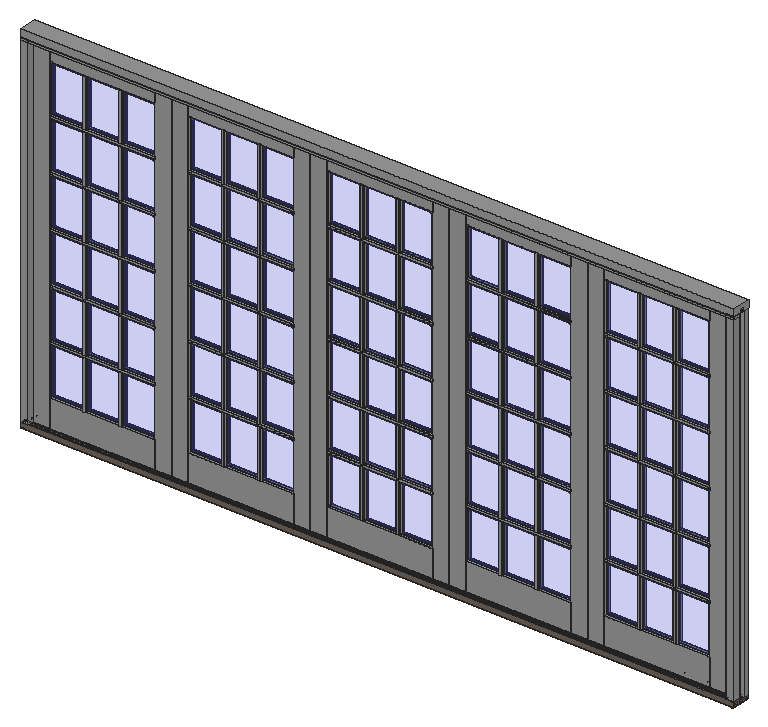
Revit family "VSFA 4190 SP RH", category Doors, host Wall, Revit 2015 (continued)
Automatic sketch dimensions
  Extrusion 64 sketch curve to Extrusion 64 sketch curve = 8 mm
  host wall to Extrusion 64 sketch curve = 13.5 mm
  Extrusion 64 sketch curve to Extrusion 64 sketch curve = 6 mm
  Extrusion 64 sketch curve to Extrusion 64 sketch curve = 1.197 mm  (x2)
  Extrusion 64 sketch curve to host wall = 24.5 mm  (x2)
  Sweep 65 sketch curve to plane 12 = 96 mm
  Sweep 65 sketch curve to plane 2 "Center (Left/Right)" = 127.66 mm
  plane 5 to Sweep 65 sketch curve = 722.012 mm
  Sweep 65 sketch curve to Sweep 65 sketch curve = 284.012 mm
  profile plane to Sweep 65 sketch curve = 0 mm
  profile plane to Sweep 65 sketch curve = 0.241 mm
  Sweep 65 sketch curve to Sweep 65 sketch curve = 6.759 mm
  Sweep 65 sketch curve to Sweep 65 sketch curve = 2 mm  (x2)
  Sweep 65 sketch curve to profile plane = 86 mm
  Sweep 65 sketch curve to Sweep 65 sketch curve = 6 mm
  Sweep 66 sketch curve to plane 2 "Center (Left/Right)" = 114.66 mm
  plane 2 "Center (Left/Right)" to Sweep 66 sketch curve = 83.68 mm
  plane 5 to Sweep 66 sketch curve = 722.012 mm
  Sweep 66 sketch curve to Sweep 66 sketch curve = 284.012 mm
  profile plane to Sweep 66 sketch curve = 0 mm
  profile plane to Sweep 66 sketch curve = 0.241 mm
  Sweep 66 sketch curve to Sweep 66 sketch curve = 6.759 mm
  Sweep 66 sketch curve to Sweep 66 sketch curve = 2 mm  (x2)
  Sweep 66 sketch curve to profile plane = 86 mm
  Sweep 66 sketch curve to Sweep 66 sketch curve = 6 mm
  plane 2 "Center (Left/Right)" to Sweep 67 sketch curve = 96.68 mm
  plane 11 to Sweep 67 sketch curve = 95.98 mm
  plane 5 to Sweep 67 sketch curve = 722.012 mm
  Sweep 67 sketch curve to Sweep 67 sketch curve = 284.012 mm
  profile plane to Sweep 67 sketch curve = 0 mm
  profile plane to Sweep 67 sketch curve = 0.241 mm
  Sweep 67 sketch curve to Sweep 67 sketch curve = 6.759 mm
  Sweep 67 sketch curve to Sweep 67 sketch curve = 2 mm  (x2)
  Sweep 67 sketch curve to profile plane = 86 mm
  Sweep 67 sketch curve to Sweep 67 sketch curve = 6 mm
  host wall to Extrusion 68 sketch curve = 7.5 mm  (x3)
  Extrusion 68 sketch curve to plane 2 "Center (Left/Right)" = 136.66 mm
  Extrusion 68 sketch curve to Extrusion 68 sketch curve = 2 mm  (x8)
  Extrusion 68 sketch curve to Extrusion 68 sketch curve = 6.759 mm  (x4)
  Extrusion 68 sketch curve to Extrusion 68 sketch curve = 0.241 mm  (x6)
  Extrusion 68 sketch curve to Extrusion 68 sketch curve = 13 mm  (x3)
  Extrusion 68 sketch curve to Extrusion 68 sketch curve = 0 mm  (x2)
  host wall to Extrusion 68 sketch curve = 5.5 mm
  plane 2 "Center (Left/Right)" to Extrusion 68 sketch curve = 74.68 mm
  Extrusion 68 sketch curve to Extrusion 68 sketch curve = 8 mm
  host wall to Extrusion 68 sketch curve = 13.5 mm
  Extrusion 68 sketch curve to Extrusion 68 sketch curve = 6 mm
  Extrusion 68 sketch curve to Extrusion 68 sketch curve = 1.197 mm  (x2)
  Extrusion 68 sketch curve to host wall = 24.5 mm  (x2)
  Sweep 69 sketch curve to plane 12 = 96 mm
  Sweep 69 sketch curve to plane 2 "Center (Left/Right)" = 127.66 mm
  plane 5 to Sweep 69 sketch curve = 1019.012 mm
  Sweep 69 sketch curve to Sweep 69 sketch curve = 284.012 mm
  profile plane to Sweep 69 sketch curve = 0 mm
  profile plane to Sweep 69 sketch curve = 0.241 mm
  Sweep 69 sketch curve to Sweep 69 sketch curve = 6.759 mm
  Sweep 69 sketch curve to Sweep 69 sketch curve = 2 mm  (x2)
  Sweep 69 sketch curve to profile plane = 86 mm
  Sweep 69 sketch curve to Sweep 69 sketch curve = 6 mm
  Sweep 70 sketch curve to plane 2 "Center (Left/Right)" = 114.66 mm
  plane 2 "Center (Left/Right)" to Sweep 70 sketch curve = 83.68 mm
  plane 5 to Sweep 70 sketch curve = 1019.012 mm
  Sweep 70 sketch curve to Sweep 70 sketch curve = 284.012 mm
  profile plane to Sweep 70 sketch curve = 0 mm
  profile plane to Sweep 70 sketch curve = 0.241 mm
  Sweep 70 sketch curve to Sweep 70 sketch curve = 6.759 mm
  Sweep 70 sketch curve to Sweep 70 sketch curve = 2 mm  (x2)
  Sweep 70 sketch curve to profile plane = 86 mm
  Sweep 70 sketch curve to Sweep 70 sketch curve = 6 mm
  plane 2 "Center (Left/Right)" to Sweep 71 sketch curve = 96.68 mm
  plane 11 to Sweep 71 sketch curve = 95.98 mm
  plane 5 to Sweep 71 sketch curve = 1019.012 mm
  Sweep 71 sketch curve to Sweep 71 sketch curve = 284.012 mm
  profile plane to Sweep 71 sketch curve = 0 mm
  profile plane to Sweep 71 sketch curve = 0.241 mm
  Sweep 71 sketch curve to Sweep 71 sketch curve = 6.759 mm
  Sweep 71 sketch curve to Sweep 71 sketch curve = 2 mm  (x2)
  Sweep 71 sketch curve to profile plane = 86 mm
  Sweep 71 sketch curve to Sweep 71 sketch curve = 6 mm
  host wall to Extrusion 72 sketch curve = 7.5 mm  (x3)
  Extrusion 72 sketch curve to plane 2 "Center (Left/Right)" = 136.66 mm
  Extrusion 72 sketch curve to Extrusion 72 sketch curve = 2 mm  (x8)
  Extrusion 72 sketch curve to Extrusion 72 sketch curve = 6.759 mm  (x4)
  Extrusion 72 sketch curve to Extrusion 72 sketch curve = 0.241 mm  (x6)
  Extrusion 72 sketch curve to Extrusion 72 sketch curve = 13 mm  (x3)
  Extrusion 72 sketch curve to Extrusion 72 sketch curve = 0 mm  (x2)
  host wall to Extrusion 72 sketch curve = 5.5 mm
  plane 2 "Center (Left/Right)" to Extrusion 72 sketch curve = 74.68 mm
  Extrusion 72 sketch curve to Extrusion 72 sketch curve = 8 mm
  host wall to Extrusion 72 sketch curve = 13.5 mm
  Extrusion 72 sketch curve to Extrusion 72 sketch curve = 6 mm
  Extrusion 72 sketch curve to Extrusion 72 sketch curve = 1.197 mm  (x2)
  Extrusion 72 sketch curve to host wall = 24.5 mm  (x2)
  Sweep 73 sketch curve to plane 12 = 96 mm
  Sweep 73 sketch curve to plane 2 "Center (Left/Right)" = 127.66 mm
  level to Sweep 73 sketch curve = 783.988 mm
  Sweep 73 sketch curve to Sweep 73 sketch curve = 284.012 mm
  profile plane to Sweep 73 sketch curve = 0 mm
  profile plane to Sweep 73 sketch curve = 0.241 mm
  Sweep 73 sketch curve to Sweep 73 sketch curve = 6.759 mm
  Sweep 73 sketch curve to Sweep 73 sketch curve = 2 mm  (x2)
  Sweep 73 sketch curve to profile plane = 86 mm
  Sweep 73 sketch curve to Sweep 73 sketch curve = 6 mm
  Sweep 74 sketch curve to plane 2 "Center (Left/Right)" = 114.66 mm
  plane 2 "Center (Left/Right)" to Sweep 74 sketch curve = 83.68 mm
  level to Sweep 74 sketch curve = 783.988 mm
  Sweep 74 sketch curve to Sweep 74 sketch curve = 284.012 mm
  profile plane to Sweep 74 sketch curve = 0 mm
  profile plane to Sweep 74 sketch curve = 0.241 mm
  Sweep 74 sketch curve to Sweep 74 sketch curve = 6.759 mm
  Sweep 74 sketch curve to Sweep 74 sketch curve = 2 mm  (x2)
  Sweep 74 sketch curve to profile plane = 86 mm
  Sweep 74 sketch curve to Sweep 74 sketch curve = 6 mm
  plane 2 "Center (Left/Right)" to Sweep 75 sketch curve = 96.68 mm
  plane 11 to Sweep 75 sketch curve = 95.98 mm
  level to Sweep 75 sketch curve = 783.988 mm
  Sweep 75 sketch curve to Sweep 75 sketch curve = 284.012 mm
  profile plane to Sweep 75 sketch curve = 0 mm
  profile plane to Sweep 75 sketch curve = 0.241 mm
  Sweep 75 sketch curve to Sweep 75 sketch curve = 6.759 mm
  Sweep 75 sketch curve to Sweep 75 sketch curve = 2 mm  (x2)
  Sweep 75 sketch curve to profile plane = 86 mm
  Sweep 75 sketch curve to Sweep 75 sketch curve = 6 mm
  host wall to Extrusion 76 sketch curve = 7.5 mm  (x3)
  Extrusion 76 sketch curve to plane 2 "Center (Left/Right)" = 136.66 mm
  Extrusion 76 sketch curve to Extrusion 76 sketch curve = 2 mm  (x8)
  Extrusion 76 sketch curve to Extrusion 76 sketch curve = 6.759 mm  (x4)
  Extrusion 76 sketch curve to Extrusion 76 sketch curve = 0.241 mm  (x6)
  Extrusion 76 sketch curve to Extrusion 76 sketch curve = 13 mm  (x3)
  Extrusion 76 sketch curve to Extrusion 76 sketch curve = 0 mm  (x2)
  host wall to Extrusion 76 sketch curve = 5.5 mm
  plane 2 "Center (Left/Right)" to Extrusion 76 sketch curve = 74.68 mm
  Extrusion 76 sketch curve to Extrusion 76 sketch curve = 8 mm
  host wall to Extrusion 76 sketch curve = 13.5 mm
  Extrusion 76 sketch curve to Extrusion 76 sketch curve = 6 mm
  Extrusion 76 sketch curve to Extrusion 76 sketch curve = 1.197 mm  (x2)
  Extrusion 76 sketch curve to host wall = 24.5 mm  (x2)
  Sweep 77 sketch curve to plane 12 = 96 mm
  Sweep 77 sketch curve to plane 2 "Center (Left/Right)" = 127.66 mm
  level to Sweep 77 sketch curve = 486.988 mm
  Sweep 77 sketch curve to Sweep 77 sketch curve = 284.012 mm
  profile plane to Sweep 77 sketch curve = 0 mm
  profile plane to Sweep 77 sketch curve = 0.241 mm
  Sweep 77 sketch curve to Sweep 77 sketch curve = 6.759 mm
  Sweep 77 sketch curve to Sweep 77 sketch curve = 2 mm  (x2)
  Sweep 77 sketch curve to profile plane = 86 mm
  Sweep 77 sketch curve to Sweep 77 sketch curve = 6 mm
  Sweep 78 sketch curve to plane 2 "Center (Left/Right)" = 114.66 mm
  plane 2 "Center (Left/Right)" to Sweep 78 sketch curve = 83.68 mm
  level to Sweep 78 sketch curve = 486.988 mm
  Sweep 78 sketch curve to Sweep 78 sketch curve = 284.012 mm
  profile plane to Sweep 78 sketch curve = 0 mm
  profile plane to Sweep 78 sketch curve = 0.241 mm
  Sweep 78 sketch curve to Sweep 78 sketch curve = 6.759 mm
  Sweep 78 sketch curve to Sweep 78 sketch curve = 2 mm  (x2)
  Sweep 78 sketch curve to profile plane = 86 mm
  Sweep 78 sketch curve to Sweep 78 sketch curve = 6 mm
  plane 2 "Center (Left/Right)" to Sweep 79 sketch curve = 96.68 mm
  plane 11 to Sweep 79 sketch curve = 95.98 mm
  level to Sweep 79 sketch curve = 486.988 mm
  Sweep 79 sketch curve to Sweep 79 sketch curve = 284.012 mm
  profile plane to Sweep 79 sketch curve = 0 mm
  profile plane to Sweep 79 sketch curve = 0.241 mm
  Sweep 79 sketch curve to Sweep 79 sketch curve = 6.759 mm
  Sweep 79 sketch curve to Sweep 79 sketch curve = 2 mm  (x2)
  Sweep 79 sketch curve to profile plane = 86 mm
  Sweep 79 sketch curve to Sweep 79 sketch curve = 6 mm
  host wall to Extrusion 80 sketch curve = 15.5 mm  (x7)
  Extrusion 80 sketch curve to Extrusion 80 sketch curve = 2 mm  (x28)
  host wall to Extrusion 80 sketch curve = 7.5 mm  (x12)
  host wall to Extrusion 80 sketch curve = 6.697 mm  (x12)
  Extrusion 80 sketch curve to Extrusion 80 sketch curve = 1.197 mm  (x8)
  Extrusion 80 sketch curve to host wall = 24.5 mm  (x7)
  level to Extrusion 80 sketch curve = 19 mm
  Extrusion 80 sketch curve to Extrusion 80 sketch curve = 171 mm
  Extrusion 80 sketch curve to Extrusion 80 sketch curve = 0 mm  (x4)
  Extrusion 80 sketch curve to Extrusion 80 sketch curve = 0.241 mm  (x12)
  Extrusion 80 sketch curve to Extrusion 80 sketch curve = 266 mm  (x5)
  Extrusion 80 sketch curve to Extrusion 80 sketch curve = 6.759 mm  (x6)
  Extrusion 80 sketch curve to Extrusion 80 sketch curve = 13 mm  (x7)
  plane 5 to Extrusion 80 sketch curve = 150 mm
  plane 5 to Extrusion 80 sketch curve = 45 mm
  Extrusion 81 sketch curve to plane 9 = 96 mm  (x2)
  Extrusion 81 sketch curve to Extrusion 81 sketch curve = 0 mm  (x31)
  Extrusion 81 sketch curve to Extrusion 81 sketch curve = 198.34 mm  (x6)
  Extrusion 81 sketch curve to Extrusion 81 sketch curve = 13 mm  (x7)
  plane 14 to Extrusion 81 sketch curve = 95.98 mm  (x3)
  level to Extrusion 81 sketch curve = 189.988 mm  (x2)
  Extrusion 81 sketch curve to Extrusion 81 sketch curve = 284.012 mm  (x5)
  Extrusion 81 sketch curve to Extrusion 81 sketch curve = 12.988 mm  (x15)
  plane 5 to Extrusion 81 sketch curve = 141 mm
  host wall to Extrusion 82 sketch curve = 7.5 mm  (x3)
  Extrusion 82 sketch curve to plane 9 = 285.34 mm
  Extrusion 82 sketch curve to Extrusion 82 sketch curve = 2 mm  (x8)
  Extrusion 82 sketch curve to Extrusion 82 sketch curve = 6.759 mm  (x4)
  Extrusion 82 sketch curve to Extrusion 82 sketch curve = 0.241 mm  (x6)
  Extrusion 82 sketch curve to Extrusion 82 sketch curve = 13 mm  (x3)
  Extrusion 82 sketch curve to Extrusion 82 sketch curve = 0 mm  (x2)
  host wall to Extrusion 82 sketch curve = 5.5 mm
  Extrusion 82 sketch curve to Extrusion 82 sketch curve = 180.34 mm
  Extrusion 82 sketch curve to Extrusion 82 sketch curve = 8 mm
  host wall to Extrusion 82 sketch curve = 13.5 mm
  Extrusion 82 sketch curve to Extrusion 82 sketch curve = 6 mm
  Extrusion 82 sketch curve to Extrusion 82 sketch curve = 1.197 mm  (x2)
  Extrusion 82 sketch curve to host wall = 24.5 mm  (x2)
  Sweep 83 sketch curve to plane 9 = 96 mm
  Sweep 83 sketch curve to Sweep 83 sketch curve = 198.34 mm
  plane 5 to Sweep 83 sketch curve = 425.012 mm
  plane 5 to Sweep 83 sketch curve = 141 mm
  profile plane to Sweep 83 sketch curve = 0 mm
  profile plane to Sweep 83 sketch curve = 0.241 mm
  Sweep 83 sketch curve to Sweep 83 sketch curve = 6.759 mm
  Sweep 83 sketch curve to Sweep 83 sketch curve = 2 mm  (x2)
  Sweep 83 sketch curve to profile plane = 86 mm
  Sweep 83 sketch curve to Sweep 83 sketch curve = 6 mm
  Sweep 84 sketch curve to plane 9 = 307.34 mm
  Sweep 84 sketch curve to Sweep 84 sketch curve = 198.34 mm
  plane 5 to Sweep 84 sketch curve = 425.012 mm
  plane 5 to Sweep 84 sketch curve = 141 mm
  profile plane to Sweep 84 sketch curve = 0 mm
  profile plane to Sweep 84 sketch curve = 0.241 mm
  Sweep 84 sketch curve to Sweep 84 sketch curve = 6.759 mm
  Sweep 84 sketch curve to Sweep 84 sketch curve = 2 mm  (x2)
  Sweep 84 sketch curve to profile plane = 86 mm
  Sweep 84 sketch curve to Sweep 84 sketch curve = 6 mm
  plane 14 to Sweep 85 sketch curve = 294.32 mm
  plane 14 to Sweep 85 sketch curve = 95.98 mm
  plane 5 to Sweep 85 sketch curve = 425.012 mm
  plane 5 to Sweep 85 sketch curve = 141 mm
  profile plane to Sweep 85 sketch curve = 0 mm
  profile plane to Sweep 85 sketch curve = 0.241 mm
  Sweep 85 sketch curve to Sweep 85 sketch curve = 6.759 mm
  Sweep 85 sketch curve to Sweep 85 sketch curve = 2 mm  (x2)
  Sweep 85 sketch curve to profile plane = 86 mm
  Sweep 85 sketch curve to Sweep 85 sketch curve = 6 mm
  host wall to Extrusion 86 sketch curve = 7.5 mm  (x3)
  Extrusion 86 sketch curve to plane 9 = 285.34 mm
  Extrusion 86 sketch curve to Extrusion 86 sketch curve = 2 mm  (x8)
  Extrusion 86 sketch curve to Extrusion 86 sketch curve = 6.759 mm  (x4)
  Extrusion 86 sketch curve to Extrusion 86 sketch curve = 0.241 mm  (x6)
  Extrusion 86 sketch curve to Extrusion 86 sketch curve = 13 mm  (x3)
  Extrusion 86 sketch curve to Extrusion 86 sketch curve = 0 mm  (x2)
  host wall to Extrusion 86 sketch curve = 5.5 mm
  Extrusion 86 sketch curve to Extrusion 86 sketch curve = 180.34 mm
  Extrusion 86 sketch curve to Extrusion 86 sketch curve = 8 mm
  host wall to Extrusion 86 sketch curve = 13.5 mm
  Extrusion 86 sketch curve to Extrusion 86 sketch curve = 6 mm
  Extrusion 86 sketch curve to Extrusion 86 sketch curve = 1.197 mm  (x2)
  Extrusion 86 sketch curve to host wall = 24.5 mm  (x2)
  Sweep 87 sketch curve to plane 9 = 96 mm
  Sweep 87 sketch curve to Sweep 87 sketch curve = 198.34 mm
  plane 5 to Sweep 87 sketch curve = 722.012 mm
  Sweep 87 sketch curve to Sweep 87 sketch curve = 284.012 mm
  profile plane to Sweep 87 sketch curve = 0 mm
  profile plane to Sweep 87 sketch curve = 0.241 mm
  Sweep 87 sketch curve to Sweep 87 sketch curve = 6.759 mm
  Sweep 87 sketch curve to Sweep 87 sketch curve = 2 mm  (x2)
  Sweep 87 sketch curve to profile plane = 86 mm
  Sweep 87 sketch curve to Sweep 87 sketch curve = 6 mm
  Sweep 88 sketch curve to plane 9 = 307.34 mm
  Sweep 88 sketch curve to Sweep 88 sketch curve = 198.34 mm
  plane 5 to Sweep 88 sketch curve = 722.012 mm
  Sweep 88 sketch curve to Sweep 88 sketch curve = 284.012 mm
  profile plane to Sweep 88 sketch curve = 0 mm
  profile plane to Sweep 88 sketch curve = 0.241 mm
  Sweep 88 sketch curve to Sweep 88 sketch curve = 6.759 mm
  Sweep 88 sketch curve to Sweep 88 sketch curve = 2 mm  (x2)
  Sweep 88 sketch curve to profile plane = 86 mm
  Sweep 88 sketch curve to Sweep 88 sketch curve = 6 mm
  plane 14 to Sweep 89 sketch curve = 294.32 mm
  plane 14 to Sweep 89 sketch curve = 95.98 mm
  plane 5 to Sweep 89 sketch curve = 722.012 mm
  Sweep 89 sketch curve to Sweep 89 sketch curve = 284.012 mm
  profile plane to Sweep 89 sketch curve = 0 mm
  profile plane to Sweep 89 sketch curve = 0.241 mm
  Sweep 89 sketch curve to Sweep 89 sketch curve = 6.759 mm
  Sweep 89 sketch curve to Sweep 89 sketch curve = 2 mm  (x2)
  Sweep 89 sketch curve to profile plane = 86 mm
  Sweep 89 sketch curve to Sweep 89 sketch curve = 6 mm
  host wall to Extrusion 90 sketch curve = 7.5 mm  (x3)
  Extrusion 90 sketch curve to plane 9 = 285.34 mm
  Extrusion 90 sketch curve to Extrusion 90 sketch curve = 2 mm  (x8)
  Extrusion 90 sketch curve to Extrusion 90 sketch curve = 6.759 mm  (x4)
  Extrusion 90 sketch curve to Extrusion 90 sketch curve = 0.241 mm  (x6)
  Extrusion 90 sketch curve to Extrusion 90 sketch curve = 13 mm  (x3)
  Extrusion 90 sketch curve to Extrusion 90 sketch curve = 0 mm  (x2)
  host wall to Extrusion 90 sketch curve = 5.5 mm
  Extrusion 90 sketch curve to Extrusion 90 sketch curve = 180.34 mm
  Extrusion 90 sketch curve to Extrusion 90 sketch curve = 8 mm
  host wall to Extrusion 90 sketch curve = 13.5 mm
  Extrusion 90 sketch curve to Extrusion 90 sketch curve = 6 mm
  Extrusion 90 sketch curve to Extrusion 90 sketch curve = 1.197 mm  (x2)
  Extrusion 90 sketch curve to host wall = 24.5 mm  (x2)
  Sweep 91 sketch curve to plane 9 = 96 mm
  Sweep 91 sketch curve to Sweep 91 sketch curve = 198.34 mm
  plane 5 to Sweep 91 sketch curve = 1019.012 mm
  Sweep 91 sketch curve to Sweep 91 sketch curve = 284.012 mm
  profile plane to Sweep 91 sketch curve = 0 mm
  profile plane to Sweep 91 sketch curve = 0.241 mm
  Sweep 91 sketch curve to Sweep 91 sketch curve = 6.759 mm
  Sweep 91 sketch curve to Sweep 91 sketch curve = 2 mm  (x2)
  Sweep 91 sketch curve to profile plane = 86 mm
  Sweep 91 sketch curve to Sweep 91 sketch curve = 6 mm
  Sweep 92 sketch curve to plane 9 = 307.34 mm
  Sweep 92 sketch curve to Sweep 92 sketch curve = 198.34 mm
  plane 5 to Sweep 92 sketch curve = 1019.012 mm
  Sweep 92 sketch curve to Sweep 92 sketch curve = 284.012 mm
  profile plane to Sweep 92 sketch curve = 0 mm
  profile plane to Sweep 92 sketch curve = 0.241 mm
  Sweep 92 sketch curve to Sweep 92 sketch curve = 6.759 mm
  Sweep 92 sketch curve to Sweep 92 sketch curve = 2 mm  (x2)
  Sweep 92 sketch curve to profile plane = 86 mm
  Sweep 92 sketch curve to Sweep 92 sketch curve = 6 mm
  plane 14 to Sweep 93 sketch curve = 294.32 mm
  plane 14 to Sweep 93 sketch curve = 95.98 mm
  plane 5 to Sweep 93 sketch curve = 1019.012 mm
  Sweep 93 sketch curve to Sweep 93 sketch curve = 284.012 mm
  profile plane to Sweep 93 sketch curve = 0 mm
  profile plane to Sweep 93 sketch curve = 0.241 mm
  Sweep 93 sketch curve to Sweep 93 sketch curve = 6.759 mm
  Sweep 93 sketch curve to Sweep 93 sketch curve = 2 mm  (x2)
  Sweep 93 sketch curve to profile plane = 86 mm
  Sweep 93 sketch curve to Sweep 93 sketch curve = 6 mm
  host wall to Extrusion 94 sketch curve = 7.5 mm  (x3)
  Extrusion 94 sketch curve to plane 9 = 285.34 mm
  Extrusion 94 sketch curve to Extrusion 94 sketch curve = 2 mm  (x8)
  Extrusion 94 sketch curve to Extrusion 94 sketch curve = 6.759 mm  (x4)
  Extrusion 94 sketch curve to Extrusion 94 sketch curve = 0.241 mm  (x6)
  Extrusion 94 sketch curve to Extrusion 94 sketch curve = 13 mm  (x3)
  Extrusion 94 sketch curve to Extrusion 94 sketch curve = 0 mm  (x2)
  host wall to Extrusion 94 sketch curve = 5.5 mm
  Extrusion 94 sketch curve to Extrusion 94 sketch curve = 180.34 mm
  Extrusion 94 sketch curve to Extrusion 94 sketch curve = 8 mm
  host wall to Extrusion 94 sketch curve = 13.5 mm
  Extrusion 94 sketch curve to Extrusion 94 sketch curve = 6 mm
  Extrusion 94 sketch curve to Extrusion 94 sketch curve = 1.197 mm  (x2)
  Extrusion 94 sketch curve to host wall = 24.5 mm  (x2)
  Sweep 95 sketch curve to plane 9 = 96 mm
  Sweep 95 sketch curve to Sweep 95 sketch curve = 198.34 mm
  level to Sweep 95 sketch curve = 783.988 mm
  Sweep 95 sketch curve to Sweep 95 sketch curve = 284.012 mm
  profile plane to Sweep 95 sketch curve = 0 mm
  profile plane to Sweep 95 sketch curve = 0.241 mm
  Sweep 95 sketch curve to Sweep 95 sketch curve = 6.759 mm
  Sweep 95 sketch curve to Sweep 95 sketch curve = 2 mm  (x2)
  Sweep 95 sketch curve to profile plane = 86 mm
  Sweep 95 sketch curve to Sweep 95 sketch curve = 6 mm
  Sweep 96 sketch curve to plane 9 = 307.34 mm
  Sweep 96 sketch curve to Sweep 96 sketch curve = 198.34 mm
  level to Sweep 96 sketch curve = 783.988 mm
  Sweep 96 sketch curve to Sweep 96 sketch curve = 284.012 mm
  profile plane to Sweep 96 sketch curve = 0 mm
  profile plane to Sweep 96 sketch curve = 0.241 mm
  Sweep 96 sketch curve to Sweep 96 sketch curve = 6.759 mm
  Sweep 96 sketch curve to Sweep 96 sketch curve = 2 mm  (x2)
  Sweep 96 sketch curve to profile plane = 86 mm
  Sweep 96 sketch curve to Sweep 96 sketch curve = 6 mm
  plane 14 to Sweep 97 sketch curve = 294.32 mm
  plane 14 to Sweep 97 sketch curve = 95.98 mm
  level to Sweep 97 sketch curve = 783.988 mm
  Sweep 97 sketch curve to Sweep 97 sketch curve = 284.012 mm
  profile plane to Sweep 97 sketch curve = 0 mm
  profile plane to Sweep 97 sketch curve = 0.241 mm
  Sweep 97 sketch curve to Sweep 97 sketch curve = 6.759 mm
  Sweep 97 sketch curve to Sweep 97 sketch curve = 2 mm  (x2)
  Sweep 97 sketch curve to profile plane = 86 mm
  Sweep 97 sketch curve to Sweep 97 sketch curve = 6 mm
  host wall to Extrusion 98 sketch curve = 7.5 mm  (x3)
  Extrusion 98 sketch curve to plane 9 = 285.34 mm
  Extrusion 98 sketch curve to Extrusion 98 sketch curve = 2 mm  (x8)
  Extrusion 98 sketch curve to Extrusion 98 sketch curve = 6.759 mm  (x4)
  Extrusion 98 sketch curve to Extrusion 98 sketch curve = 0.241 mm  (x6)
  Extrusion 98 sketch curve to Extrusion 98 sketch curve = 13 mm  (x3)
  Extrusion 98 sketch curve to Extrusion 98 sketch curve = 0 mm  (x2)
  host wall to Extrusion 98 sketch curve = 5.5 mm
  Extrusion 98 sketch curve to Extrusion 98 sketch curve = 180.34 mm
  Extrusion 98 sketch curve to Extrusion 98 sketch curve = 8 mm
  host wall to Extrusion 98 sketch curve = 13.5 mm
  Extrusion 98 sketch curve to Extrusion 98 sketch curve = 6 mm
  Extrusion 98 sketch curve to Extrusion 98 sketch curve = 1.197 mm  (x2)
  Extrusion 98 sketch curve to host wall = 24.5 mm  (x2)
  Sweep 99 sketch curve to plane 9 = 96 mm
  Sweep 99 sketch curve to Sweep 99 sketch curve = 198.34 mm
  level to Sweep 99 sketch curve = 486.988 mm
  Sweep 99 sketch curve to Sweep 99 sketch curve = 284.012 mm
  profile plane to Sweep 99 sketch curve = 0 mm
  profile plane to Sweep 99 sketch curve = 0.241 mm
  Sweep 99 sketch curve to Sweep 99 sketch curve = 6.759 mm
  Sweep 99 sketch curve to Sweep 99 sketch curve = 2 mm  (x2)
  Sweep 99 sketch curve to profile plane = 86 mm
  Sweep 99 sketch curve to Sweep 99 sketch curve = 6 mm
  Sweep 100 sketch curve to plane 9 = 307.34 mm
  Sweep 100 sketch curve to Sweep 100 sketch curve = 198.34 mm
  level to Sweep 100 sketch curve = 486.988 mm
  Sweep 100 sketch curve to Sweep 100 sketch curve = 284.012 mm
  profile plane to Sweep 100 sketch curve = 0 mm
  profile plane to Sweep 100 sketch curve = 0.241 mm
  Sweep 100 sketch curve to Sweep 100 sketch curve = 6.759 mm
  Sweep 100 sketch curve to Sweep 100 sketch curve = 2 mm  (x2)
  Sweep 100 sketch curve to profile plane = 86 mm
  Sweep 100 sketch curve to Sweep 100 sketch curve = 6 mm
  plane 14 to Sweep 101 sketch curve = 294.32 mm
  plane 14 to Sweep 101 sketch curve = 95.98 mm
  level to Sweep 101 sketch curve = 486.988 mm
  Sweep 101 sketch curve to Sweep 101 sketch curve = 284.012 mm
  profile plane to Sweep 101 sketch curve = 0 mm
  profile plane to Sweep 101 sketch curve = 0.241 mm
  Sweep 101 sketch curve to Sweep 101 sketch curve = 6.759 mm
  Sweep 101 sketch curve to Sweep 101 sketch curve = 2 mm  (x2)
  Sweep 101 sketch curve to profile plane = 86 mm
  Sweep 101 sketch curve to Sweep 101 sketch curve = 6 mm
  host wall to Extrusion 102 sketch curve = 15.5 mm  (x7)
  Extrusion 102 sketch curve to Extrusion 102 sketch curve = 2 mm  (x28)
  host wall to Extrusion 102 sketch curve = 7.5 mm  (x12)
  host wall to Extrusion 102 sketch curve = 6.697 mm  (x12)
  Extrusion 102 sketch curve to Extrusion 102 sketch curve = 1.197 mm  (x8)
  Extrusion 102 sketch curve to host wall = 24.5 mm  (x7)
  level to Extrusion 102 sketch curve = 19 mm
  Extrusion 102 sketch curve to Extrusion 102 sketch curve = 171 mm
  Extrusion 102 sketch curve to Extrusion 102 sketch curve = 0 mm  (x4)
  Extrusion 102 sketch curve to Extrusion 102 sketch curve = 0.241 mm  (x12)
  Extrusion 102 sketch curve to Extrusion 102 sketch curve = 266 mm  (x5)
  Extrusion 102 sketch curve to Extrusion 102 sketch curve = 6.759 mm  (x6)
  Extrusion 102 sketch curve to Extrusion 102 sketch curve = 13 mm  (x7)
  plane 5 to Extrusion 102 sketch curve = 150 mm
  plane 5 to Extrusion 102 sketch curve = 45 mm
  Extrusion 103 sketch curve to plane 3 "Left" = 141 mm  (x2)
  Extrusion 103 sketch curve to Extrusion 103 sketch curve = 0 mm  (x31)
  Extrusion 103 sketch curve to Extrusion 103 sketch curve = 198.34 mm  (x6)
  Extrusion 103 sketch curve to Extrusion 103 sketch curve = 13 mm  (x7)
  plane 15 to Extrusion 103 sketch curve = 95.98 mm  (x3)
  level to Extrusion 103 sketch curve = 189.988 mm  (x2)
  Extrusion 103 sketch curve to Extrusion 103 sketch curve = 284.012 mm  (x5)
  Extrusion 103 sketch curve to Extrusion 103 sketch curve = 12.988 mm  (x15)
  plane 5 to Extrusion 103 sketch curve = 141 mm
  host wall to Extrusion 104 sketch curve = 7.5 mm  (x3)
  Extrusion 104 sketch curve to plane 3 "Left" = 330.34 mm
  Extrusion 104 sketch curve to Extrusion 104 sketch curve = 2 mm  (x8)
  Extrusion 104 sketch curve to Extrusion 104 sketch curve = 6.759 mm  (x4)
  Extrusion 104 sketch curve to Extrusion 104 sketch curve = 0.241 mm  (x6)
  Extrusion 104 sketch curve to Extrusion 104 sketch curve = 13 mm  (x3)
  Extrusion 104 sketch curve to Extrusion 104 sketch curve = 0 mm  (x2)
  host wall to Extrusion 104 sketch curve = 5.5 mm
  Extrusion 104 sketch curve to Extrusion 104 sketch curve = 180.34 mm
  Extrusion 104 sketch curve to Extrusion 104 sketch curve = 8 mm
  host wall to Extrusion 104 sketch curve = 13.5 mm
  Extrusion 104 sketch curve to Extrusion 104 sketch curve = 6 mm
  Extrusion 104 sketch curve to Extrusion 104 sketch curve = 1.197 mm  (x2)
  Extrusion 104 sketch curve to host wall = 24.5 mm  (x2)
  Sweep 105 sketch curve to plane 3 "Left" = 141 mm
  Sweep 105 sketch curve to Sweep 105 sketch curve = 198.34 mm
  plane 5 to Sweep 105 sketch curve = 425.012 mm
  plane 5 to Sweep 105 sketch curve = 141 mm
  profile plane to Sweep 105 sketch curve = 0 mm
  profile plane to Sweep 105 sketch curve = 0.241 mm
  Sweep 105 sketch curve to Sweep 105 sketch curve = 6.759 mm
  Sweep 105 sketch curve to Sweep 105 sketch curve = 2 mm  (x2)
  Sweep 105 sketch curve to profile plane = 86 mm
  Sweep 105 sketch curve to Sweep 105 sketch curve = 6 mm
  Sweep 106 sketch curve to plane 3 "Left" = 352.34 mm
  Sweep 106 sketch curve to Sweep 106 sketch curve = 198.34 mm
  plane 5 to Sweep 106 sketch curve = 425.012 mm
  plane 5 to Sweep 106 sketch curve = 141 mm
  profile plane to Sweep 106 sketch curve = 0 mm
  profile plane to Sweep 106 sketch curve = 0.241 mm
  Sweep 106 sketch curve to Sweep 106 sketch curve = 6.759 mm
  Sweep 106 sketch curve to Sweep 106 sketch curve = 2 mm  (x2)
  Sweep 106 sketch curve to profile plane = 86 mm
  Sweep 106 sketch curve to Sweep 106 sketch curve = 6 mm
  plane 15 to Sweep 107 sketch curve = 294.32 mm
  plane 15 to Sweep 107 sketch curve = 95.98 mm
  plane 5 to Sweep 107 sketch curve = 425.012 mm
  plane 5 to Sweep 107 sketch curve = 141 mm
  profile plane to Sweep 107 sketch curve = 0 mm
  profile plane to Sweep 107 sketch curve = 0.241 mm
  Sweep 107 sketch curve to Sweep 107 sketch curve = 6.759 mm
  Sweep 107 sketch curve to Sweep 107 sketch curve = 2 mm  (x2)
  Sweep 107 sketch curve to profile plane = 86 mm
  Sweep 107 sketch curve to Sweep 107 sketch curve = 6 mm
  host wall to Extrusion 108 sketch curve = 7.5 mm  (x3)
  Extrusion 108 sketch curve to plane 3 "Left" = 330.34 mm
  Extrusion 108 sketch curve to Extrusion 108 sketch curve = 2 mm  (x8)
  Extrusion 108 sketch curve to Extrusion 108 sketch curve = 6.759 mm  (x4)
  Extrusion 108 sketch curve to Extrusion 108 sketch curve = 0.241 mm  (x6)
  Extrusion 108 sketch curve to Extrusion 108 sketch curve = 13 mm  (x3)
  Extrusion 108 sketch curve to Extrusion 108 sketch curve = 0 mm  (x2)
  host wall to Extrusion 108 sketch curve = 5.5 mm
  Extrusion 108 sketch curve to Extrusion 108 sketch curve = 180.34 mm
  Extrusion 108 sketch curve to Extrusion 108 sketch curve = 8 mm
  host wall to Extrusion 108 sketch curve = 13.5 mm
  Extrusion 108 sketch curve to Extrusion 108 sketch curve = 6 mm
  Extrusion 108 sketch curve to Extrusion 108 sketch curve = 1.197 mm  (x2)
  Extrusion 108 sketch curve to host wall = 24.5 mm  (x2)
  Sweep 109 sketch curve to plane 3 "Left" = 141 mm
  Sweep 109 sketch curve to Sweep 109 sketch curve = 198.34 mm
  plane 5 to Sweep 109 sketch curve = 722.012 mm
  Sweep 109 sketch curve to Sweep 109 sketch curve = 284.012 mm
  profile plane to Sweep 109 sketch curve = 0 mm
  profile plane to Sweep 109 sketch curve = 0.241 mm
  Sweep 109 sketch curve to Sweep 109 sketch curve = 6.759 mm
  Sweep 109 sketch curve to Sweep 109 sketch curve = 2 mm  (x2)
  Sweep 109 sketch curve to profile plane = 86 mm
  Sweep 109 sketch curve to Sweep 109 sketch curve = 6 mm
  Sweep 110 sketch curve to plane 3 "Left" = 352.34 mm
  Sweep 110 sketch curve to Sweep 110 sketch curve = 198.34 mm
  plane 5 to Sweep 110 sketch curve = 722.012 mm
  Sweep 110 sketch curve to Sweep 110 sketch curve = 284.012 mm
  profile plane to Sweep 110 sketch curve = 0 mm
  profile plane to Sweep 110 sketch curve = 0.241 mm
  Sweep 110 sketch curve to Sweep 110 sketch curve = 6.759 mm
  Sweep 110 sketch curve to Sweep 110 sketch curve = 2 mm  (x2)
  Sweep 110 sketch curve to profile plane = 86 mm
  Sweep 110 sketch curve to Sweep 110 sketch curve = 6 mm
  plane 15 to Sweep 111 sketch curve = 294.32 mm
  plane 15 to Sweep 111 sketch curve = 95.98 mm
  plane 5 to Sweep 111 sketch curve = 722.012 mm
  Sweep 111 sketch curve to Sweep 111 sketch curve = 284.012 mm
  profile plane to Sweep 111 sketch curve = 0 mm
  profile plane to Sweep 111 sketch curve = 0.241 mm
  Sweep 111 sketch curve to Sweep 111 sketch curve = 6.759 mm
  Sweep 111 sketch curve to Sweep 111 sketch curve = 2 mm  (x2)
  Sweep 111 sketch curve to profile plane = 86 mm
  Sweep 111 sketch curve to Sweep 111 sketch curve = 6 mm
  host wall to Extrusion 112 sketch curve = 7.5 mm  (x3)
  Extrusion 112 sketch curve to plane 3 "Left" = 330.34 mm
  Extrusion 112 sketch curve to Extrusion 112 sketch curve = 2 mm  (x8)
  Extrusion 112 sketch curve to Extrusion 112 sketch curve = 6.759 mm  (x4)
  Extrusion 112 sketch curve to Extrusion 112 sketch curve = 0.241 mm  (x6)
  Extrusion 112 sketch curve to Extrusion 112 sketch curve = 13 mm  (x3)
  Extrusion 112 sketch curve to Extrusion 112 sketch curve = 0 mm  (x2)
  host wall to Extrusion 112 sketch curve = 5.5 mm
  Extrusion 112 sketch curve to Extrusion 112 sketch curve = 180.34 mm
  Extrusion 112 sketch curve to Extrusion 112 sketch curve = 8 mm
  host wall to Extrusion 112 sketch curve = 13.5 mm
  Extrusion 112 sketch curve to Extrusion 112 sketch curve = 6 mm
  Extrusion 112 sketch curve to Extrusion 112 sketch curve = 1.197 mm  (x2)
  Extrusion 112 sketch curve to host wall = 24.5 mm  (x2)
  Sweep 113 sketch curve to plane 3 "Left" = 141 mm
  Sweep 113 sketch curve to Sweep 113 sketch curve = 198.34 mm
  plane 5 to Sweep 113 sketch curve = 1019.012 mm
  Sweep 113 sketch curve to Sweep 113 sketch curve = 284.012 mm
  profile plane to Sweep 113 sketch curve = 0 mm
  profile plane to Sweep 113 sketch curve = 0.241 mm
  Sweep 113 sketch curve to Sweep 113 sketch curve = 6.759 mm
  Sweep 113 sketch curve to Sweep 113 sketch curve = 2 mm  (x2)
  Sweep 113 sketch curve to profile plane = 86 mm
  Sweep 113 sketch curve to Sweep 113 sketch curve = 6 mm
  Sweep 114 sketch curve to plane 3 "Left" = 352.34 mm
  Sweep 114 sketch curve to Sweep 114 sketch curve = 198.34 mm
  plane 5 to Sweep 114 sketch curve = 1019.012 mm
  Sweep 114 sketch curve to Sweep 114 sketch curve = 284.012 mm
  profile plane to Sweep 114 sketch curve = 0 mm
  profile plane to Sweep 114 sketch curve = 0.241 mm
  Sweep 114 sketch curve to Sweep 114 sketch curve = 6.759 mm
  Sweep 114 sketch curve to Sweep 114 sketch curve = 2 mm  (x2)
  Sweep 114 sketch curve to profile plane = 86 mm
  Sweep 114 sketch curve to Sweep 114 sketch curve = 6 mm
  plane 15 to Sweep 115 sketch curve = 294.32 mm
  plane 15 to Sweep 115 sketch curve = 95.98 mm
  plane 5 to Sweep 115 sketch curve = 1019.012 mm
  Sweep 115 sketch curve to Sweep 115 sketch curve = 284.012 mm
  profile plane to Sweep 115 sketch curve = 0 mm
  profile plane to Sweep 115 sketch curve = 0.241 mm
  Sweep 115 sketch curve to Sweep 115 sketch curve = 6.759 mm
  Sweep 115 sketch curve to Sweep 115 sketch curve = 2 mm  (x2)
  Sweep 115 sketch curve to profile plane = 86 mm
  Sweep 115 sketch curve to Sweep 115 sketch curve = 6 mm
  host wall to Extrusion 116 sketch curve = 7.5 mm  (x3)
  Extrusion 116 sketch curve to plane 3 "Left" = 330.34 mm
  Extrusion 116 sketch curve to Extrusion 116 sketch curve = 2 mm  (x8)
  Extrusion 116 sketch curve to Extrusion 116 sketch curve = 6.759 mm  (x4)
  Extrusion 116 sketch curve to Extrusion 116 sketch curve = 0.241 mm  (x6)
  Extrusion 116 sketch curve to Extrusion 116 sketch curve = 13 mm  (x3)
  Extrusion 116 sketch curve to Extrusion 116 sketch curve = 0 mm  (x2)
  host wall to Extrusion 116 sketch curve = 5.5 mm
  Extrusion 116 sketch curve to Extrusion 116 sketch curve = 180.34 mm
  Extrusion 116 sketch curve to Extrusion 116 sketch curve = 8 mm
  host wall to Extrusion 116 sketch curve = 13.5 mm
  Extrusion 116 sketch curve to Extrusion 116 sketch curve = 6 mm
  Extrusion 116 sketch curve to Extrusion 116 sketch curve = 1.197 mm  (x2)
  Extrusion 116 sketch curve to host wall = 24.5 mm  (x2)
  Sweep 117 sketch curve to plane 3 "Left" = 141 mm
  Sweep 117 sketch curve to Sweep 117 sketch curve = 198.34 mm
  level to Sweep 117 sketch curve = 783.988 mm
  Sweep 117 sketch curve to Sweep 117 sketch curve = 284.012 mm
  profile plane to Sweep 117 sketch curve = 0 mm
  profile plane to Sweep 117 sketch curve = 0.241 mm
  Sweep 117 sketch curve to Sweep 117 sketch curve = 6.759 mm
  Sweep 117 sketch curve to Sweep 117 sketch curve = 2 mm  (x2)
  Sweep 117 sketch curve to profile plane = 86 mm
  Sweep 117 sketch curve to Sweep 117 sketch curve = 6 mm
  Sweep 118 sketch curve to plane 3 "Left" = 352.34 mm
  Sweep 118 sketch curve to Sweep 118 sketch curve = 198.34 mm
  level to Sweep 118 sketch curve = 783.988 mm
  Sweep 118 sketch curve to Sweep 118 sketch curve = 284.012 mm
  profile plane to Sweep 118 sketch curve = 0 mm
  profile plane to Sweep 118 sketch curve = 0.241 mm
  Sweep 118 sketch curve to Sweep 118 sketch curve = 6.759 mm
  Sweep 118 sketch curve to Sweep 118 sketch curve = 2 mm  (x2)
  Sweep 118 sketch curve to profile plane = 86 mm
  Sweep 118 sketch curve to Sweep 118 sketch curve = 6 mm
  plane 15 to Sweep 119 sketch curve = 294.32 mm
  plane 15 to Sweep 119 sketch curve = 95.98 mm
  level to Sweep 119 sketch curve = 783.988 mm
  Sweep 119 sketch curve to Sweep 119 sketch curve = 284.012 mm
  profile plane to Sweep 119 sketch curve = 0 mm
  profile plane to Sweep 119 sketch curve = 0.241 mm
  Sweep 119 sketch curve to Sweep 119 sketch curve = 6.759 mm
  Sweep 119 sketch curve to Sweep 119 sketch curve = 2 mm  (x2)
  Sweep 119 sketch curve to profile plane = 86 mm
  Sweep 119 sketch curve to Sweep 119 sketch curve = 6 mm
  host wall to Extrusion 120 sketch curve = 7.5 mm  (x3)
  Extrusion 120 sketch curve to plane 3 "Left" = 330.34 mm
  Extrusion 120 sketch curve to Extrusion 120 sketch curve = 2 mm  (x8)
  Extrusion 120 sketch curve to Extrusion 120 sketch curve = 6.759 mm  (x4)
  Extrusion 120 sketch curve to Extrusion 120 sketch curve = 0.241 mm  (x6)
  Extrusion 120 sketch curve to Extrusion 120 sketch curve = 13 mm  (x3)
  Extrusion 120 sketch curve to Extrusion 120 sketch curve = 0 mm  (x2)
  host wall to Extrusion 120 sketch curve = 5.5 mm
  Extrusion 120 sketch curve to Extrusion 120 sketch curve = 180.34 mm
  Extrusion 120 sketch curve to Extrusion 120 sketch curve = 8 mm
  host wall to Extrusion 120 sketch curve = 13.5 mm
  Extrusion 120 sketch curve to Extrusion 120 sketch curve = 6 mm
  Extrusion 120 sketch curve to Extrusion 120 sketch curve = 1.197 mm  (x2)
  Extrusion 120 sketch curve to host wall = 24.5 mm  (x2)
  Sweep 121 sketch curve to plane 3 "Left" = 141 mm
  Sweep 121 sketch curve to Sweep 121 sketch curve = 198.34 mm
  level to Sweep 121 sketch curve = 486.988 mm
  Sweep 121 sketch curve to Sweep 121 sketch curve = 284.012 mm
  profile plane to Sweep 121 sketch curve = 0 mm
  profile plane to Sweep 121 sketch curve = 0.241 mm
  Sweep 121 sketch curve to Sweep 121 sketch curve = 6.759 mm
  Sweep 121 sketch curve to Sweep 121 sketch curve = 2 mm  (x2)
  Sweep 121 sketch curve to profile plane = 86 mm
  Sweep 121 sketch curve to Sweep 121 sketch curve = 6 mm
  Sweep 122 sketch curve to plane 3 "Left" = 352.34 mm
  Sweep 122 sketch curve to Sweep 122 sketch curve = 198.34 mm
  level to Sweep 122 sketch curve = 486.988 mm
  Sweep 122 sketch curve to Sweep 122 sketch curve = 284.012 mm
  profile plane to Sweep 122 sketch curve = 0 mm
  profile plane to Sweep 122 sketch curve = 0.241 mm
  Sweep 122 sketch curve to Sweep 122 sketch curve = 6.759 mm
  Sweep 122 sketch curve to Sweep 122 sketch curve = 2 mm  (x2)
  Sweep 122 sketch curve to profile plane = 86 mm
  Sweep 122 sketch curve to Sweep 122 sketch curve = 6 mm
  plane 15 to Sweep 123 sketch curve = 294.32 mm
  plane 15 to Sweep 123 sketch curve = 95.98 mm
  level to Sweep 123 sketch curve = 486.988 mm
  Sweep 123 sketch curve to Sweep 123 sketch curve = 284.012 mm
  profile plane to Sweep 123 sketch curve = 0 mm
  profile plane to Sweep 123 sketch curve = 0.241 mm
  Sweep 123 sketch curve to Sweep 123 sketch curve = 6.759 mm
  Sweep 123 sketch curve to Sweep 123 sketch curve = 2 mm  (x2)
  Sweep 123 sketch curve to profile plane = 86 mm
  Sweep 123 sketch curve to Sweep 123 sketch curve = 6 mm
  host wall to Extrusion 124 sketch curve = 7.5 mm  (x3)
  Extrusion 124 sketch curve to plane 8 = 285.34 mm
  Extrusion 124 sketch curve to Extrusion 124 sketch curve = 2 mm  (x8)
  Extrusion 124 sketch curve to Extrusion 124 sketch curve = 6.759 mm  (x4)
  Extrusion 124 sketch curve to Extrusion 124 sketch curve = 0.241 mm  (x6)
  Extrusion 124 sketch curve to Extrusion 124 sketch curve = 13 mm  (x3)
  Extrusion 124 sketch curve to Extrusion 124 sketch curve = 0 mm  (x2)
  host wall to Extrusion 124 sketch curve = 5.5 mm
  Extrusion 124 sketch curve to Extrusion 124 sketch curve = 180.34 mm
  Extrusion 124 sketch curve to Extrusion 124 sketch curve = 8 mm
  host wall to Extrusion 124 sketch curve = 13.5 mm
  Extrusion 124 sketch curve to Extrusion 124 sketch curve = 6 mm
  Extrusion 124 sketch curve to Extrusion 124 sketch curve = 1.197 mm  (x2)
  Extrusion 124 sketch curve to host wall = 24.5 mm  (x2)
  Sweep 125 sketch curve to plane 8 = 96 mm
  Sweep 125 sketch curve to Sweep 125 sketch curve = 198.34 mm
  level to Sweep 125 sketch curve = 189.988 mm
  Sweep 125 sketch curve to Sweep 125 sketch curve = 284.012 mm
  profile plane to Sweep 125 sketch curve = 0 mm
  profile plane to Sweep 125 sketch curve = 0.241 mm
  Sweep 125 sketch curve to Sweep 125 sketch curve = 6.759 mm
  Sweep 125 sketch curve to Sweep 125 sketch curve = 2 mm  (x2)
  Sweep 125 sketch curve to profile plane = 86 mm
  Sweep 125 sketch curve to Sweep 125 sketch curve = 6 mm
  Sweep 126 sketch curve to plane 8 = 307.34 mm
  Sweep 126 sketch curve to Sweep 126 sketch curve = 198.34 mm
  level to Sweep 126 sketch curve = 189.988 mm
  Sweep 126 sketch curve to Sweep 126 sketch curve = 284.012 mm
  profile plane to Sweep 126 sketch curve = 0 mm
  profile plane to Sweep 126 sketch curve = 0.241 mm
  Sweep 126 sketch curve to Sweep 126 sketch curve = 6.759 mm
  Sweep 126 sketch curve to Sweep 126 sketch curve = 2 mm  (x2)
  Sweep 126 sketch curve to profile plane = 86 mm
  Sweep 126 sketch curve to Sweep 126 sketch curve = 6 mm
  plane 4 "Right" to Sweep 127 sketch curve = 370.32 mm
  plane 4 "Right" to Sweep 127 sketch curve = 171.98 mm
  level to Sweep 127 sketch curve = 189.988 mm
  Sweep 127 sketch curve to Sweep 127 sketch curve = 284.012 mm
  profile plane to Sweep 127 sketch curve = 0 mm
  profile plane to Sweep 127 sketch curve = 0.241 mm
  Sweep 127 sketch curve to Sweep 127 sketch curve = 6.759 mm
  Sweep 127 sketch curve to Sweep 127 sketch curve = 2 mm  (x2)
  Sweep 127 sketch curve to profile plane = 86 mm
  Sweep 127 sketch curve to Sweep 127 sketch curve = 6 mm
  host wall to Extrusion 128 sketch curve = 7.5 mm  (x3)
  Extrusion 128 sketch curve to plane 13 = 285.34 mm
  Extrusion 128 sketch curve to Extrusion 128 sketch curve = 2 mm  (x8)
  Extrusion 128 sketch curve to Extrusion 128 sketch curve = 6.759 mm  (x4)
  Extrusion 128 sketch curve to Extrusion 128 sketch curve = 0.241 mm  (x6)
  Extrusion 128 sketch curve to Extrusion 128 sketch curve = 13 mm  (x3)
  Extrusion 128 sketch curve to Extrusion 128 sketch curve = 0 mm  (x2)
  host wall to Extrusion 128 sketch curve = 5.5 mm
  Extrusion 128 sketch curve to Extrusion 128 sketch curve = 180.34 mm
  Extrusion 128 sketch curve to Extrusion 128 sketch curve = 8 mm
  host wall to Extrusion 128 sketch curve = 13.5 mm
  Extrusion 128 sketch curve to Extrusion 128 sketch curve = 6 mm
  Extrusion 128 sketch curve to Extrusion 128 sketch curve = 1.197 mm  (x2)
  Extrusion 128 sketch curve to host wall = 24.5 mm  (x2)
  Sweep 129 sketch curve to plane 13 = 96 mm
  Sweep 129 sketch curve to Sweep 129 sketch curve = 198.34 mm
  level to Sweep 129 sketch curve = 189.988 mm
  Sweep 129 sketch curve to Sweep 129 sketch curve = 284.012 mm
  profile plane to Sweep 129 sketch curve = 0 mm
  profile plane to Sweep 129 sketch curve = 0.241 mm
  Sweep 129 sketch curve to Sweep 129 sketch curve = 6.759 mm
  Sweep 129 sketch curve to Sweep 129 sketch curve = 2 mm  (x2)
  Sweep 129 sketch curve to profile plane = 86 mm
  Sweep 129 sketch curve to Sweep 129 sketch curve = 6 mm
  Sweep 130 sketch curve to plane 13 = 307.34 mm
  Sweep 130 sketch curve to Sweep 130 sketch curve = 198.34 mm
  level to Sweep 130 sketch curve = 189.988 mm
  Sweep 130 sketch curve to Sweep 130 sketch curve = 284.012 mm
  profile plane to Sweep 130 sketch curve = 0 mm
  profile plane to Sweep 130 sketch curve = 0.241 mm
  Sweep 130 sketch curve to Sweep 130 sketch curve = 6.759 mm
  Sweep 130 sketch curve to Sweep 130 sketch curve = 2 mm  (x2)
  Sweep 130 sketch curve to profile plane = 86 mm
  Sweep 130 sketch curve to Sweep 130 sketch curve = 6 mm
  plane 10 to Sweep 131 sketch curve = 294.32 mm
  plane 10 to Sweep 131 sketch curve = 95.98 mm
  level to Sweep 131 sketch curve = 189.988 mm
  Sweep 131 sketch curve to Sweep 131 sketch curve = 284.012 mm
  profile plane to Sweep 131 sketch curve = 0 mm
  profile plane to Sweep 131 sketch curve = 0.241 mm
  Sweep 131 sketch curve to Sweep 131 sketch curve = 6.759 mm
  Sweep 131 sketch curve to Sweep 131 sketch curve = 2 mm  (x2)
  Sweep 131 sketch curve to profile plane = 86 mm
  Sweep 131 sketch curve to Sweep 131 sketch curve = 6 mm
  host wall to Extrusion 132 sketch curve = 7.5 mm  (x3)
  Extrusion 132 sketch curve to plane 2 "Center (Left/Right)" = 136.66 mm
  Extrusion 132 sketch curve to Extrusion 132 sketch curve = 2 mm  (x8)
  Extrusion 132 sketch curve to Extrusion 132 sketch curve = 6.759 mm  (x4)
  Extrusion 132 sketch curve to Extrusion 132 sketch curve = 0.241 mm  (x6)
  Extrusion 132 sketch curve to Extrusion 132 sketch curve = 13 mm  (x3)
  Extrusion 132 sketch curve to Extrusion 132 sketch curve = 0 mm  (x2)
  host wall to Extrusion 132 sketch curve = 5.5 mm
  plane 2 "Center (Left/Right)" to Extrusion 132 sketch curve = 74.68 mm
  Extrusion 132 sketch curve to Extrusion 132 sketch curve = 8 mm
  host wall to Extrusion 132 sketch curve = 13.5 mm
  Extrusion 132 sketch curve to Extrusion 132 sketch curve = 6 mm
  Extrusion 132 sketch curve to Extrusion 132 sketch curve = 1.197 mm  (x2)
  Extrusion 132 sketch curve to host wall = 24.5 mm  (x2)
  Sweep 133 sketch curve to plane 12 = 96 mm
  Sweep 133 sketch curve to plane 2 "Center (Left/Right)" = 127.66 mm
  level to Sweep 133 sketch curve = 189.988 mm
  Sweep 133 sketch curve to Sweep 133 sketch curve = 284.012 mm
  profile plane to Sweep 133 sketch curve = 0 mm
  profile plane to Sweep 133 sketch curve = 0.241 mm
  Sweep 133 sketch curve to Sweep 133 sketch curve = 6.759 mm
  Sweep 133 sketch curve to Sweep 133 sketch curve = 2 mm  (x2)
  Sweep 133 sketch curve to profile plane = 86 mm
  Sweep 133 sketch curve to Sweep 133 sketch curve = 6 mm
  Sweep 134 sketch curve to plane 2 "Center (Left/Right)" = 114.66 mm
  plane 2 "Center (Left/Right)" to Sweep 134 sketch curve = 83.68 mm
  level to Sweep 134 sketch curve = 189.988 mm
  Sweep 134 sketch curve to Sweep 134 sketch curve = 284.012 mm
  profile plane to Sweep 134 sketch curve = 0 mm
  profile plane to Sweep 134 sketch curve = 0.241 mm
  Sweep 134 sketch curve to Sweep 134 sketch curve = 6.759 mm
  Sweep 134 sketch curve to Sweep 134 sketch curve = 2 mm  (x2)
  Sweep 134 sketch curve to profile plane = 86 mm
  Sweep 134 sketch curve to Sweep 134 sketch curve = 6 mm
  plane 2 "Center (Left/Right)" to Sweep 135 sketch curve = 96.68 mm
  plane 11 to Sweep 135 sketch curve = 95.98 mm
  level to Sweep 135 sketch curve = 189.988 mm
  Sweep 135 sketch curve to Sweep 135 sketch curve = 284.012 mm
  profile plane to Sweep 135 sketch curve = 0 mm
  profile plane to Sweep 135 sketch curve = 0.241 mm
  Sweep 135 sketch curve to Sweep 135 sketch curve = 6.759 mm
  Sweep 135 sketch curve to Sweep 135 sketch curve = 2 mm  (x2)
  Sweep 135 sketch curve to profile plane = 86 mm
  Sweep 135 sketch curve to Sweep 135 sketch curve = 6 mm
  host wall to Extrusion 136 sketch curve = 7.5 mm  (x3)
  Extrusion 136 sketch curve to plane 9 = 285.34 mm
  Extrusion 136 sketch curve to Extrusion 136 sketch curve = 2 mm  (x8)
  Extrusion 136 sketch curve to Extrusion 136 sketch curve = 6.759 mm  (x4)
  Extrusion 136 sketch curve to Extrusion 136 sketch curve = 0.241 mm  (x6)
  Extrusion 136 sketch curve to Extrusion 136 sketch curve = 13 mm  (x3)
  Extrusion 136 sketch curve to Extrusion 136 sketch curve = 0 mm  (x2)
  host wall to Extrusion 136 sketch curve = 5.5 mm
  Extrusion 136 sketch curve to Extrusion 136 sketch curve = 180.34 mm
  Extrusion 136 sketch curve to Extrusion 136 sketch curve = 8 mm
  host wall to Extrusion 136 sketch curve = 13.5 mm
  Extrusion 136 sketch curve to Extrusion 136 sketch curve = 6 mm
  Extrusion 136 sketch curve to Extrusion 136 sketch curve = 1.197 mm  (x2)
  Extrusion 136 sketch curve to host wall = 24.5 mm  (x2)
  Sweep 137 sketch curve to plane 9 = 96 mm
  Sweep 137 sketch curve to Sweep 137 sketch curve = 198.34 mm
  level to Sweep 137 sketch curve = 189.988 mm
  Sweep 137 sketch curve to Sweep 137 sketch curve = 284.012 mm
  profile plane to Sweep 137 sketch curve = 0 mm
  profile plane to Sweep 137 sketch curve = 0.241 mm
  Sweep 137 sketch curve to Sweep 137 sketch curve = 6.759 mm
  Sweep 137 sketch curve to Sweep 137 sketch curve = 2 mm  (x2)
  Sweep 137 sketch curve to profile plane = 86 mm
  Sweep 137 sketch curve to Sweep 137 sketch curve = 6 mm
  Sweep 138 sketch curve to plane 9 = 307.34 mm
  Sweep 138 sketch curve to Sweep 138 sketch curve = 198.34 mm
  level to Sweep 138 sketch curve = 189.988 mm
  Sweep 138 sketch curve to Sweep 138 sketch curve = 284.012 mm
  profile plane to Sweep 138 sketch curve = 0 mm
  profile plane to Sweep 138 sketch curve = 0.241 mm
  Sweep 138 sketch curve to Sweep 138 sketch curve = 6.759 mm
  Sweep 138 sketch curve to Sweep 138 sketch curve = 2 mm  (x2)
  Sweep 138 sketch curve to profile plane = 86 mm
  Sweep 138 sketch curve to Sweep 138 sketch curve = 6 mm
  plane 14 to Sweep 139 sketch curve = 294.32 mm
  plane 14 to Sweep 139 sketch curve = 95.98 mm
  level to Sweep 139 sketch curve = 189.988 mm
  Sweep 139 sketch curve to Sweep 139 sketch curve = 284.012 mm
  profile plane to Sweep 139 sketch curve = 0 mm
  profile plane to Sweep 139 sketch curve = 0.241 mm
  Sweep 139 sketch curve to Sweep 139 sketch curve = 6.759 mm
  Sweep 139 sketch curve to Sweep 139 sketch curve = 2 mm  (x2)
  Sweep 139 sketch curve to profile plane = 86 mm
  Sweep 139 sketch curve to Sweep 139 sketch curve = 6 mm
  host wall to Extrusion 140 sketch curve = 7.5 mm  (x3)
  Extrusion 140 sketch curve to plane 3 "Left" = 330.34 mm
  Extrusion 140 sketch curve to Extrusion 140 sketch curve = 2 mm  (x8)
  Extrusion 140 sketch curve to Extrusion 140 sketch curve = 6.759 mm  (x4)
  Extrusion 140 sketch curve to Extrusion 140 sketch curve = 0.241 mm  (x6)
  Extrusion 140 sketch curve to Extrusion 140 sketch curve = 13 mm  (x3)
  Extrusion 140 sketch curve to Extrusion 140 sketch curve = 0 mm  (x2)
  host wall to Extrusion 140 sketch curve = 5.5 mm
  Extrusion 140 sketch curve to Extrusion 140 sketch curve = 180.34 mm
  Extrusion 140 sketch curve to Extrusion 140 sketch curve = 8 mm
  host wall to Extrusion 140 sketch curve = 13.5 mm
  Extrusion 140 sketch curve to Extrusion 140 sketch curve = 6 mm
  Extrusion 140 sketch curve to Extrusion 140 sketch curve = 1.197 mm  (x2)
  Extrusion 140 sketch curve to host wall = 24.5 mm  (x2)
  Sweep 141 sketch curve to plane 3 "Left" = 141 mm
  Sweep 141 sketch curve to Sweep 141 sketch curve = 198.34 mm
  level to Sweep 141 sketch curve = 189.988 mm
  Sweep 141 sketch curve to Sweep 141 sketch curve = 284.012 mm
  profile plane to Sweep 141 sketch curve = 0 mm
  profile plane to Sweep 141 sketch curve = 0.241 mm
  Sweep 141 sketch curve to Sweep 141 sketch curve = 6.759 mm
  Sweep 141 sketch curve to Sweep 141 sketch curve = 2 mm  (x2)
  Sweep 141 sketch curve to profile plane = 86 mm
  Sweep 141 sketch curve to Sweep 141 sketch curve = 6 mm
  Sweep 142 sketch curve to plane 3 "Left" = 352.34 mm
  Sweep 142 sketch curve to Sweep 142 sketch curve = 198.34 mm
  level to Sweep 142 sketch curve = 189.988 mm
  Sweep 142 sketch curve to Sweep 142 sketch curve = 284.012 mm
  profile plane to Sweep 142 sketch curve = 0 mm
  profile plane to Sweep 142 sketch curve = 0.241 mm
  Sweep 142 sketch curve to Sweep 142 sketch curve = 6.759 mm
  Sweep 142 sketch curve to Sweep 142 sketch curve = 2 mm  (x2)
  Sweep 142 sketch curve to profile plane = 86 mm
  Sweep 142 sketch curve to Sweep 142 sketch curve = 6 mm
  plane 15 to Sweep 143 sketch curve = 294.32 mm
  plane 15 to Sweep 143 sketch curve = 95.98 mm
  level to Sweep 143 sketch curve = 189.988 mm
  Sweep 143 sketch curve to Sweep 143 sketch curve = 284.012 mm
  profile plane to Sweep 143 sketch curve = 0 mm
  profile plane to Sweep 143 sketch curve = 0.241 mm
  Sweep 143 sketch curve to Sweep 143 sketch curve = 6.759 mm
  Sweep 143 sketch curve to Sweep 143 sketch curve = 2 mm  (x2)
  Sweep 143 sketch curve to profile plane = 86 mm
  Sweep 143 sketch curve to Sweep 143 sketch curve = 6 mm
